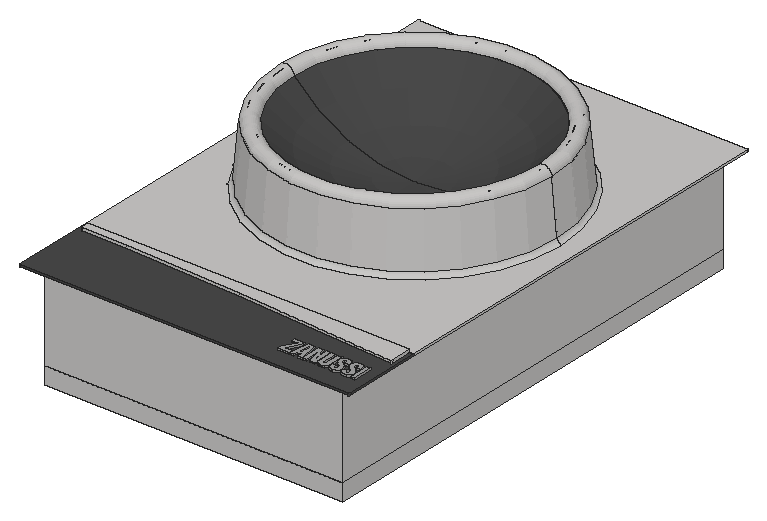
Revit family "QF_ZANUSSI_600896_Z1HCDDOMCT", category Specialty Equipment, Revit 2018
Family settings
  Round Connector Dimension = Use Diameter
  Part Type = Normal
  Work Plane-Based = No
  Always vertical = Yes
  Cut with Voids When Loaded = No
  Shared = No
  Room Calculation Point = No
Parameters (values of type "Standard")
  Watts = 0 W
  Volts = 380 V
  URL = "http://www.zanussiprofessional.com"
  Steam Supply Size = 0 mm
  Steam Supply Minimum Pressure = 0.0 Pa
  Steam Supply Maximum Pressure = 0.0 Pa
  Steam Pounds per Hour = 0
  Show Logo [instance] = yes
  Manufacturer = "Zanussi"
  Phase = 3
  Model = "Z1HCDDOMCT"
  Item Number = "600896"
  Hot Water Size = 0 mm
  HP = "6.7 HP"
  Gas Size = 0 mm
  Gas KW = 0
  Direct Waste Size = 0 mm
  Description = "PLUG-IN INDUCTION WOK, DROP-IN - 3-PHASE"
  Cycle = 60 Hz
  Condensate Return Size = 0 mm
  Compressed Air Volume = 0.0 L/s
  Compressed Air Size = 0 mm
  Compressed Air Pressure = 0.0 Pa
  Cold Water Size = 0 mm
Types (2, lengths in mm): name | URL | Manufacturer | Phase | Model | Description
  (no name) | 0 | 0 | 0 | 0 | 0
  Standard | "http://www.zanussiprofessional.com" | "Zanussi" | 3 | "Z1HCDDOMCT" | "PLUG-IN INDUCTION WOK, DROP-IN - 3-PHASE"
Values of the unnamed type that differ from the named types
  Volts = 0 V
  Item Number = ""
  Cycle = 0 Hz
Reference planes
  plane 1 "Centro (Fronte/Retro)": y = 74.737
  plane 2: z = 0
  plane 3: x = -514.269
  plane 4 "LEFT": x = -709.269
  plane 5 "RIGHT": x = -319.269
  plane 6 "BACK": y = 369.737
  plane 7 "FRONT": y = -220.263
  plane 8: y = -124.263
  plane 9: x = -690.269
  plane 10: x = -338.269
  plane 11: y = 355.737
  plane 12: y = -205.263
  plane 13: x = -539.269
  plane 14: y = -149.263
  plane 15: z = 900
Forms (mm)
  Extrusion 1, solid, material "QF_Finishes_Stainless Steel"
    sketch origin (0, 0, 774) x (1, 0, 0) y (0, 1, 0)
      loop
        line (-341.269, 352.737) -> (-687.269, 352.737) -> (-687.269, -202.263) -> (-341.269, -202.263) -> (-341.269, 352.737)
      loop
        line (-690.269, 355.737) -> (-690.269, -205.263) -> (-338.269, -205.263) -> (-338.269, 355.737) -> (-690.269, 355.737)
    from 21 to 126
  Extrusion 2, solid, material "QF_Finishes_Black"
    sketch origin (0, 0, 900) x (-1, 0, 0) y (0, -1, 0)
      loop
        line (709.269, 124.263) -> (709.269, 218.263)
        arc (709.269, 218.263) -> (708.683, 219.677) -> (707.269, 220.263) r 2
        line (707.269, 220.263) -> (321.269, 220.263)
        arc (321.269, 220.263) -> (319.854, 219.677) -> (319.269, 218.263) r 2
        line (319.269, 218.263) -> (319.269, 124.263) -> (709.269, 124.263)
    from 0 to 2
  Extrusion 3, solid, material "QF_Finishes_Stainless Steel"
    sketch origin (0, 0, 775) x (1, 0, 0) y (0, 1, 0)
      loop
        line (-690.269, 355.737) -> (-690.269, -205.263) -> (-338.269, -205.263) -> (-338.269, 355.737) -> (-690.269, 355.737)
    from 0 to 20
  Extrusion 4, solid, material "QF_Finishes_Stainless Steel"
    sketch origin (0, 0, 127) x (-1, 0, 0) y (0, -1, 0)
      loop
        circle (539.269, 149.263) r 10
    from 638.028 to 648
  Revolve 5, solid, material "QF_Finishes_Stainless Steel"
    sketch origin (0, 120.237, 2) x (-1, 0, 0) y (0, 0, 1)
      loop
        arc (349.07, 900) -> (350.454, 902.553) -> (351.23, 905.352) r 12.856
        line (351.23, 905.352) -> (357.255, 968.615)
        arc (357.255, 968.615) -> (361.677, 972.996) -> (366.45, 969) r 4.622
        line (366.45, 969) -> (371.472, 969)
        arc (371.472, 969) -> (361.87, 978) -> (352.269, 969) r 9.622
        line (352.269, 969) -> (346.269, 906)
        arc (346.269, 906) -> (344.567, 902.335) -> (341.269, 900) r 7.856
        line (341.269, 900) -> (349.07, 900)
      axis (514.269, 900) -> (514.269, 969)
    angle from 0 to 360
  Revolve 6, solid, material "QF_Finishes_Black"
    sketch origin (0, 120.237, 2) x (-1, 0, 0) y (0, 0, 1)
      loop
        line (371.472, 969) -> (366.45, 969)
        arc (366.45, 969) -> (432.848, 918.929) -> (514.269, 902) r 190.056
        line (514.269, 902) -> (514.269, 906)
        arc (514.269, 906) -> (436.232, 922.453) -> (371.472, 969) r 193.372
      axis (514.269, 969) -> (514.269, 902)
    angle from 0 to 360
  Extrusion 7, solid, material "QF_Finishes_Stainless Steel"
    sketch origin (0, 96, 900) x (-1, 0, 0) y (0, -1, 0)
      loop
        arc (707.269, -273.737) -> (708.683, -273.151) -> (709.269, -271.737) r 2
        line (709.269, -271.737) -> (709.269, 220.263) -> (319.269, 220.263) -> (319.269, -271.737)
        arc (319.269, -271.737) -> (319.854, -273.151) -> (321.269, -273.737) r 2
        line (321.269, -273.737) -> (707.269, -273.737)
    from 0 to 2
  Extrusion 8, solid, material "QF_Finishes_Stainless Steel"
    sketch origin (0, 0, 900) x (-1, 0, 0) y (0, -1, 0)
      loop
        arc (702.769, 124.263) -> (703.829, 124.702) -> (704.269, 125.763) r 1.5
        line (704.269, 125.763) -> (704.269, 132.763)
        arc (704.269, 132.763) -> (703.829, 133.824) -> (702.769, 134.263) r 1.5
        line (702.769, 134.263) -> (651.769, 134.263)
        arc (651.769, 134.263) -> (582.973, 135.513) -> (514.269, 139.263) r 1893.125
        arc (514.269, 139.263) -> (420.209, 148.26) -> (325.769, 151.263) r 1486.51
        arc (325.769, 151.263) -> (324.708, 150.824) -> (324.269, 149.763) r 1.5
        line (324.269, 149.763) -> (324.269, 125.763)
        arc (324.269, 125.763) -> (324.708, 124.702) -> (325.769, 124.263) r 1.5
        line (325.769, 124.263) -> (702.769, 124.263)
    from 2 to 5
Lines and regions (mm)
  Split face 1
    outline origin (0, 0, 902) x (-1, 0, 0) y (0, -1, 0)
      loop
        line (324.269, 124.263) -> (704.269, 124.263) -> (704.269, 623.263) -> (324.269, 623.263) -> (324.269, 124.263)
  symbolic lines
    curve 1: line (-319.269, -124.263, 126) -> (-709.269, -124.263, 126)
    curve 2: line (-321.269, 369.737, 126) -> (-707.269, 369.737, 126)
    curve 3: arc (-707.269, 369.737, 126) -> (-708.683, 369.151, 126) -> (-709.269, 367.737, 126) r 2
    curve 4: line (-709.269, 367.737, 126) -> (-709.269, -218.263, 126)
    curve 5: arc (-709.269, -218.263, 126) -> (-708.683, -219.677, 126) -> (-707.269, -220.263, 126) r 2
    curve 6: line (-707.269, -220.263, 126) -> (-321.269, -220.263, 126)
    curve 7: arc (-321.269, -220.263, 126) -> (-319.854, -219.677, 126) -> (-319.269, -218.263, 126) r 2
    curve 8: line (-319.269, -218.263, 126) -> (-319.269, 367.737, 126)
    curve 9: arc (-319.269, 367.737, 126) -> (-319.854, 369.151, 126) -> (-321.269, 369.737, 126) r 2
    curve 10: arc (-687.269, 120.237, 126) -> (-514.269, 293.237, 126) -> (-341.269, 120.237, 126) r 173
    curve 11: arc (-341.269, 120.237, 126) -> (-514.269, -52.763, 126) -> (-687.269, 120.237, 126) r 173
    curve 12: arc (-682.269, 120.237, 126) -> (-514.269, -47.763, 126) -> (-346.269, 120.237, 126) r 168
    curve 13: arc (-657.065, 120.237, 126) -> (-514.269, -22.56, 126) -> (-371.472, 120.237, 126) r 142.797
    curve 14: arc (-371.472, 120.237, 126) -> (-514.269, 263.034, 126) -> (-657.065, 120.237, 126) r 142.797
    curve 15: arc (-346.269, 120.237, 126) -> (-514.269, 288.237, 126) -> (-682.269, 120.237, 126) r 168
    curve 16: arc (-352.269, 120.237, 126) -> (-514.269, 282.237, 126) -> (-676.269, 120.237, 126) r 162
    curve 17: arc (-676.269, 120.237, 126) -> (-514.269, -41.763, 126) -> (-352.269, 120.237, 126) r 162
    curve 18: arc (-702.769, -124.263, 126) -> (-703.829, -124.702, 126) -> (-704.269, -125.763, 126) r 1.5
    curve 19: line (-704.269, -125.763, 126) -> (-704.269, -132.763, 126)
    curve 20: arc (-704.269, -132.763, 126) -> (-703.829, -133.824, 126) -> (-702.769, -134.263, 126) r 1.5
    curve 21: line (-702.769, -134.263, 126) -> (-651.769, -134.263, 126)
    curve 22: arc (-324.269, -125.763, 126) -> (-324.708, -124.702, 126) -> (-325.769, -124.263, 126) r 1.5
    curve 23: line (-324.269, -149.763, 126) -> (-324.269, -125.763, 126)
    curve 24: arc (-325.769, -151.263, 126) -> (-324.708, -150.824, 126) -> (-324.269, -149.763, 126) r 1.5
    curve 25: arc (-651.769, -134.263, 126) -> (-582.973, -135.513, 126) -> (-514.269, -139.263, 126) r 1893.125
    curve 26: arc (-514.269, -139.263, 126) -> (-420.209, -148.26, 126) -> (-325.769, -151.263, 126) r 1486.51
    curve 27: line (-415.208, -176.613, 126) -> (-422.226, -191.352, 126)
    curve 28: line (-422.226, -191.352, 126) -> (-422.226, -196.265, 126)
    curve 29: line (-422.226, -196.265, 126) -> (-409.452, -196.265, 126)
    curve 30: line (-409.452, -196.265, 126) -> (-409.452, -191.352, 126)
    curve 31: line (-409.452, -191.352, 126) -> (-416.821, -191.352, 126)
    curve 32: line (-416.821, -191.352, 126) -> (-409.452, -176.332, 126)
    curve 33: line (-409.452, -176.332, 126) -> (-409.452, -172.261, 126)
    curve 34: line (-409.452, -172.261, 126) -> (-421.665, -172.261, 126)
    curve 35: line (-421.665, -172.261, 126) -> (-421.665, -176.753, 126)
    curve 36: line (-421.665, -176.753, 126) -> (-415.208, -176.613, 126)
    curve 37: line (-404.82, -172.261, 126) -> (-409.172, -196.265, 126)
    curve 38: line (-409.172, -196.265, 126) -> (-404.118, -196.265, 126)
    curve 39: line (-404.118, -196.265, 126) -> (-403.416, -191.633, 126)
    curve 40: line (-403.416, -191.633, 126) -> (-399.346, -191.633, 126)
    curve 41: line (-399.346, -191.633, 126) -> (-398.644, -196.265, 126)
    curve 42: line (-398.644, -196.265, 126) -> (-393.59, -196.265, 126)
    curve 43: line (-393.59, -196.265, 126) -> (-398.082, -172.261, 126)
    curve 44: line (-398.082, -172.261, 126) -> (-404.82, -172.261, 126)
    curve 45: line (-401.451, -176.364, 126) -> (-400.047, -187.281, 126)
    curve 46: line (-400.047, -187.281, 126) -> (-402.855, -187.281, 126)
    curve 47: line (-402.855, -187.281, 126) -> (-401.451, -176.364, 126)
    curve 48: line (-393.309, -172.261, 126) -> (-393.309, -196.265, 126)
    curve 49: line (-393.309, -196.265, 126) -> (-388.958, -196.265, 126)
    curve 50: line (-388.958, -196.265, 126) -> (-388.958, -180.403, 126)
    curve 51: line (-388.958, -180.403, 126) -> (-384.887, -196.265, 126)
    curve 52: line (-384.887, -196.265, 126) -> (-379.553, -196.265, 126)
    curve 53: line (-379.553, -196.265, 126) -> (-379.553, -172.261, 126)
    curve 54: line (-379.553, -172.261, 126) -> (-384.045, -172.261, 126)
    curve 55: line (-384.045, -172.261, 126) -> (-384.045, -187.562, 126)
    curve 56: line (-384.045, -187.562, 126) -> (-388.116, -172.261, 126)
    curve 57: line (-388.116, -172.261, 126) -> (-393.309, -172.261, 126)
    curve 58: line (-378.43, -172.261, 126) -> (-378.43, -188.404, 126)
    curve 59: line (-378.43, -188.404, 126) -> (-378.149, -192.334, 126)
    curve 60: line (-378.149, -192.334, 126) -> (-377.728, -193.317, 126)
    curve 61: line (-377.728, -193.317, 126) -> (-376.745, -194.58, 126)
    curve 62: line (-376.745, -194.58, 126) -> (-375.763, -195.282, 126)
    curve 63: line (-375.763, -195.282, 126) -> (-373.797, -196.124, 126)
    curve 64: line (-373.797, -196.124, 126) -> (-372.815, -196.265, 126)
    curve 65: line (-372.815, -196.265, 126) -> (-370.569, -196.265, 126)
    curve 66: line (-370.569, -196.265, 126) -> (-369.446, -195.984, 126)
    curve 67: line (-369.446, -195.984, 126) -> (-367.761, -195.001, 126)
    curve 68: line (-367.761, -195.001, 126) -> (-365.796, -192.194, 126)
    curve 69: line (-365.796, -192.194, 126) -> (-365.656, -191.211, 126)
    curve 70: line (-365.656, -191.211, 126) -> (-365.656, -172.261, 126)
    curve 71: line (-365.656, -172.261, 126) -> (-370.569, -172.261, 126)
    curve 72: line (-370.569, -172.261, 126) -> (-370.569, -190.088, 126)
    curve 73: line (-370.569, -190.088, 126) -> (-371.13, -191.352, 126)
    curve 74: line (-371.13, -191.352, 126) -> (-372.675, -191.492, 126)
    curve 75: line (-372.675, -191.492, 126) -> (-373.517, -190.509, 126)
    curve 76: line (-373.517, -190.509, 126) -> (-373.517, -172.261, 126)
    curve 77: line (-373.517, -172.261, 126) -> (-378.43, -172.261, 126)
    curve 78: line (-353.163, -184.895, 126) -> (-358.778, -179.841, 126)
    curve 79: line (-358.778, -179.841, 126) -> (-359.479, -178.999, 126)
    curve 80: line (-359.479, -178.999, 126) -> (-359.76, -176.753, 126)
    curve 81: line (-359.76, -176.753, 126) -> (-358.076, -175.911, 126)
    curve 82: line (-358.076, -175.911, 126) -> (-356.672, -176.893, 126)
    curve 83: line (-356.672, -176.893, 126) -> (-356.532, -179.841, 126)
    curve 84: line (-356.532, -179.841, 126) -> (-351.899, -179.841, 126)
    curve 85: line (-351.899, -179.841, 126) -> (-352.18, -175.068, 126)
    curve 86: line (-352.18, -175.068, 126) -> (-355.128, -172.401, 126)
    curve 87: line (-355.128, -172.401, 126) -> (-363.269, -173.805, 126)
    curve 88: line (-363.269, -173.805, 126) -> (-364.252, -180.824, 126)
    curve 89: line (-364.252, -180.824, 126) -> (-362.006, -184.052, 126)
    curve 90: line (-362.006, -184.052, 126) -> (-359.62, -186.158, 126)
    curve 91: line (-359.62, -186.158, 126) -> (-356.672, -189.106, 126)
    curve 92: line (-356.672, -189.106, 126) -> (-357.233, -191.773, 126)
    curve 93: line (-357.233, -191.773, 126) -> (-359.058, -191.913, 126)
    curve 94: line (-359.058, -191.913, 126) -> (-360.041, -187.842, 126)
    curve 95: line (-360.041, -187.842, 126) -> (-364.954, -187.842, 126)
    curve 96: line (-364.954, -187.842, 126) -> (-363.55, -194.44, 126)
    curve 97: line (-363.55, -194.44, 126) -> (-357.374, -196.265, 126)
    curve 98: line (-357.374, -196.265, 126) -> (-351.759, -192.334, 126)
    curve 99: line (-351.759, -192.334, 126) -> (-353.163, -184.895, 126)
    curve 100: line (-339.266, -184.754, 126) -> (-345.161, -179.42, 126)
    curve 101: line (-345.161, -179.42, 126) -> (-345.863, -177.595, 126)
    curve 102: line (-345.863, -177.595, 126) -> (-345.302, -176.191, 126)
    curve 103: line (-345.302, -176.191, 126) -> (-344.038, -175.911, 126)
    curve 104: line (-344.038, -175.911, 126) -> (-342.635, -176.893, 126)
    curve 105: line (-342.635, -176.893, 126) -> (-342.494, -179.701, 126)
    curve 106: line (-342.494, -179.701, 126) -> (-337.722, -179.841, 126)
    curve 107: line (-337.722, -179.841, 126) -> (-338.283, -174.928, 126)
    curve 108: line (-338.283, -174.928, 126) -> (-345.723, -171.98, 126)
    curve 109: line (-345.723, -171.98, 126) -> (-350.215, -175.63, 126)
    curve 110: line (-350.215, -175.63, 126) -> (-348.951, -182.929, 126)
    curve 111: line (-348.951, -182.929, 126) -> (-343.758, -187.562, 126)
    curve 112: line (-343.758, -187.562, 126) -> (-342.635, -189.246, 126)
    curve 113: line (-342.635, -189.246, 126) -> (-343.056, -191.773, 126)
    curve 114: line (-343.056, -191.773, 126) -> (-344.46, -192.054, 126)
    curve 115: line (-344.46, -192.054, 126) -> (-346.003, -187.702, 126)
    curve 116: line (-346.003, -187.702, 126) -> (-350.917, -187.842, 126)
    curve 117: line (-350.917, -187.842, 126) -> (-349.092, -194.721, 126)
    curve 118: line (-349.092, -194.721, 126) -> (-341.091, -195.703, 126)
    curve 119: line (-341.091, -195.703, 126) -> (-338.002, -192.896, 126)
    curve 120: line (-338.002, -192.896, 126) -> (-339.266, -184.754, 126)
    curve 121: line (-331.966, -172.261, 126) -> (-336.879, -172.261, 126)
    curve 122: line (-336.879, -172.261, 126) -> (-336.879, -196.265, 126)
    curve 123: line (-336.879, -196.265, 126) -> (-331.966, -196.265, 126)
    curve 124: line (-331.966, -196.265, 126) -> (-331.966, -172.261, 126)
Dimensions and locks
  equal spacing: plane 4 "LEFT", plane 3, plane 5 "RIGHT"
  plane 4 "LEFT" to plane 5 "RIGHT" = 390 mm
  equal spacing: plane 6 "BACK", plane 1 "Centro (Fronte/Retro)", plane 7 "FRONT"
  plane 6 "BACK" to plane 7 "FRONT" = 590 mm
  locked: plane 4 "LEFT" to plane 9 at 19
  locked: plane 10 to plane 5 "RIGHT" at 19
  locked: plane 6 "BACK" to plane 11 at 14
  locked: plane 12 to plane 7 "FRONT" at 15
  plane 13 to plane 5 "RIGHT" = 220 mm
  plane 14 to plane 7 "FRONT" = 71 mm
  plane 15 to level = 900 mm
  aligned and locked: level to plane 2
Automatic sketch dimensions
  curve 10 to curve 11 = 0 mm  (x2)
  curve 10 to curve 12 = 0 mm  (x2)
  curve 10 to curve 13 = 0 mm  (x2)
  curve 10 to curve 14 = 0 mm  (x2)
  curve 10 to curve 15 = 0 mm  (x2)
  curve 10 to curve 16 = 0 mm  (x2)
  curve 10 to curve 17 = 0 mm  (x2)
  curve 11 to curve 12 = 0 mm  (x2)
  curve 11 to curve 13 = 0 mm  (x2)
  curve 11 to curve 14 = 0 mm  (x2)
  curve 11 to curve 15 = 0 mm  (x2)
  curve 11 to curve 16 = 0 mm  (x2)
  curve 11 to curve 17 = 0 mm  (x2)
  curve 12 to curve 13 = 0 mm  (x2)
  curve 12 to curve 14 = 0 mm  (x2)
  curve 12 to curve 15 = 0 mm  (x2)
  curve 12 to curve 16 = 0 mm  (x2)
  curve 12 to curve 17 = 0 mm  (x2)
  curve 13 to curve 14 = 0 mm  (x2)
  curve 13 to curve 15 = 0 mm  (x2)
  curve 13 to curve 16 = 0 mm  (x2)
  curve 13 to curve 17 = 0 mm  (x2)
  curve 14 to curve 15 = 0 mm  (x2)
  curve 14 to curve 16 = 0 mm  (x2)
  curve 14 to curve 17 = 0 mm  (x2)
  curve 15 to curve 16 = 0 mm  (x2)
  curve 15 to curve 17 = 0 mm  (x2)
  curve 16 to curve 17 = 0 mm  (x2)
  curve 1 to plane 5 "RIGHT" = 0 mm
  curve 9 to plane 6 "BACK" = 0 mm
  curve 6 to plane 7 "FRONT" = 0 mm
  curve 22 to plane 8 = 0 mm
  curve 11 to plane 3 = 0 mm
  curve 26 to plane 3 = 0 mm
  curve 4 to plane 4 "LEFT" = 0 mm
  curve 9 to plane 5 "RIGHT" = 2 mm
  curve 6 to plane 5 "RIGHT" = 2 mm
  curve 23 to plane 14 = 0.5 mm
  curve 23 to plane 5 "RIGHT" = 5 mm
  curve 24 to curve 24 = 1.5 mm
  curve 22 to curve 22 = 1.5 mm
  plane 10 to curve 124 = 6.302 mm
  plane 10 to curve 122 = 1.389 mm
  plane 10 to curve 107 = 0.547 mm
  plane 10 to curve 120 = 0.266 mm
  curve 107 to plane 10 = 0.014 mm
  curve 120 to plane 10 = 0.997 mm
  curve 119 to plane 10 = 2.822 mm
  curve 106 to plane 10 = 4.225 mm
  curve 112 to plane 10 = 4.366 mm
  curve 105 to curve 104 = 0.141 mm
  curve 112 to curve 113 = 0.421 mm
  curve 112 to curve 111 = 1.123 mm
  curve 104 to curve 103 = 1.404 mm
  curve 113 to curve 115 = 1.404 mm
  curve 105 to curve 100 = 2.667 mm
  curve 103 to curve 103 = 1.263 mm
  curve 102 to curve 109 = 0.421 mm
  curve 102 to curve 102 = 0.562 mm
  curve 111 to curve 116 = 2.246 mm
  curve 100 to curve 111 = 3.79 mm
  curve 114 to curve 118 = 4.632 mm
  curve 101 to curve 109 = 4.352 mm
  curve 115 to curve 116 = 4.913 mm
  curve 117 to curve 98 = 2.667 mm
  curve 110 to curve 84 = 2.948 mm
  curve 109 to curve 85 = 1.965 mm
  curve 116 to curve 78 = 2.246 mm
  curve 85 to curve 87 = 2.948 mm
  curve 84 to curve 83 = 4.632 mm
  curve 78 to curve 92 = 3.509 mm
  curve 83 to curve 83 = 0.14 mm
  curve 91 to curve 93 = 0.562 mm
  plane 12 to curve 97 = 8.998 mm
  curve 92 to curve 97 = 0.14 mm
  curve 82 to curve 82 = 1.404 mm
  curve 83 to curve 78 = 2.246 mm
  curve 92 to curve 93 = 1.825 mm
  curve 78 to curve 80 = 0.702 mm
  curve 91 to curve 91 = 2.948 mm
  curve 81 to curve 80 = 1.684 mm
  curve 90 to curve 94 = 0.421 mm
  curve 90 to curve 90 = 2.386 mm
  curve 80 to curve 87 = 3.509 mm
  plane 12 to curve 97 = 10.823 mm
  curve 93 to curve 97 = 4.492 mm
  curve 89 to curve 88 = 2.246 mm
  curve 89 to curve 96 = 2.948 mm
  curve 87 to curve 71 = 2.386 mm
  plane 12 to curve 68 = 13.069 mm
  curve 69 to curve 68 = 0.14 mm
  plane 12 to curve 67 = 10.262 mm
  curve 68 to curve 67 = 1.965 mm
  plane 12 to curve 66 = 9.279 mm
  curve 67 to curve 66 = 1.685 mm
  curve 69 to curve 72 = 4.913 mm
  plane 12 to curve 66 = 8.998 mm
  curve 66 to curve 66 = 1.123 mm
  plane 12 to curve 74 = 13.911 mm
  curve 72 to curve 74 = 0.561 mm
  plane 12 to curve 74 = 13.771 mm
  curve 73 to curve 74 = 1.544 mm
  curve 65 to curve 64 = 2.246 mm
  curve 71 to curve 76 = 2.948 mm
  plane 12 to curve 63 = 9.139 mm
  curve 64 to curve 63 = 0.982 mm
  plane 12 to curve 63 = 9.981 mm
  curve 63 to curve 63 = 1.965 mm
  plane 12 to curve 62 = 10.683 mm
  curve 62 to curve 62 = 0.983 mm
  plane 12 to curve 60 = 11.946 mm
  curve 61 to curve 60 = 0.983 mm
  plane 12 to curve 59 = 12.929 mm
  curve 60 to curve 59 = 0.421 mm
  curve 76 to curve 77 = 4.913 mm
  curve 61 to curve 52 = 2.808 mm
  plane 12 to curve 56 = 17.701 mm
  curve 58 to curve 56 = 5.615 mm
  plane 12 to curve 51 = 8.998 mm
  curve 52 to curve 51 = 5.334 mm
  curve 54 to curve 57 = 4.071 mm
  curve 51 to curve 49 = 4.071 mm
  curve 56 to curve 57 = 5.194 mm
  curve 48 to curve 42 = 0.281 mm
  curve 43 to plane 14 = 22.998 mm
  curve 48 to curve 43 = 4.773 mm
  plane 12 to curve 41 = 8.998 mm
  curve 42 to curve 41 = 5.053 mm
  plane 12 to curve 41 = 13.63 mm
  curve 41 to curve 41 = 0.702 mm
  curve 40 to curve 46 = 0.702 mm
  curve 47 to plane 14 = 27.101 mm
  curve 43 to curve 47 = 3.369 mm
  curve 45 to curve 46 = 2.807 mm
  curve 40 to curve 40 = 4.071 mm
  plane 12 to curve 39 = 8.998 mm
  curve 39 to curve 39 = 0.702 mm
  curve 45 to curve 37 = 3.369 mm
  curve 38 to curve 37 = 5.054 mm
  curve 32 to plane 14 = 27.069 mm
  curve 37 to curve 32 = 4.632 mm
  curve 37 to curve 29 = 0.281 mm
  curve 36 to plane 14 = 27.35 mm
  curve 32 to curve 36 = 5.755 mm
  curve 30 to curve 31 = 7.368 mm
  curve 27 to curve 35 = 6.457 mm
  curve 31 to curve 28 = 5.406 mm
  curve 21 to plane 8 = 10 mm
  plane 9 to curve 21 = 38.5 mm
  curve 18 to plane 8 = 1.5 mm
  plane 4 "LEFT" to curve 18 = 6.5 mm
  curve 21 to curve 19 = 1.5 mm
  curve 5 to curve 4 = 2 mm
  plane 4 "LEFT" to curve 2 = 2 mm
  plane 6 "BACK" to curve 26 = 965.51 mm
  curve 14 to plane 1 "Centro (Fronte/Retro)" = 45.5 mm
  curve 109 to plane 14 = 22.717 mm
  curve 108 to curve 121 = 0.281 mm
  curve 77 to curve 55 = 15.301 mm
  curve 76 to curve 71 = 0 mm
  curve 43 to curve 57 = 0 mm
  curve 56 to curve 55 = 0 mm
  curve 33 to curve 32 = 4.071 mm
  curve 108 to curve 87 = 0.421 mm
  curve 70 to curve 87 = 1.544 mm
  curve 121 to curve 107 = 2.667 mm
  curve 86 to curve 85 = 2.667 mm
  curve 85 to curve 109 = 0.561 mm
  curve 108 to curve 103 = 3.93 mm
  curve 86 to curve 82 = 3.509 mm
  curve 103 to curve 102 = 0.281 mm
  curve 81 to curve 81 = 0.842 mm
  curve 34 to curve 36 = 4.492 mm
  curve 103 to curve 105 = 0.983 mm
  curve 81 to curve 82 = 0.983 mm
  curve 102 to curve 101 = 1.404 mm
  curve 80 to curve 79 = 2.246 mm
  curve 101 to curve 101 = 1.825 mm
  curve 100 to curve 105 = 0.281 mm
  curve 109 to curve 84 = 4.211 mm
  curve 105 to curve 106 = 0.14 mm
  curve 79 to curve 79 = 0.842 mm
  curve 56 to curve 51 = 8.142 mm
  curve 79 to curve 89 = 1.825 mm
  curve 84 to curve 111 = 3.088 mm
  curve 88 to curve 89 = 3.228 mm
  curve 106 to curve 100 = 4.913 mm
  curve 110 to curve 78 = 1.965 mm
  curve 89 to curve 90 = 2.106 mm
  curve 46 to curve 39 = 4.352 mm
  curve 100 to curve 112 = 2.807 mm
  curve 111 to curve 115 = 0.14 mm
  curve 90 to curve 95 = 1.684 mm
  curve 78 to curve 116 = 2.948 mm
  curve 58 to curve 59 = 3.93 mm
  curve 94 to curve 92 = 1.264 mm
  curve 111 to curve 112 = 1.685 mm
  curve 73 to curve 73 = 1.263 mm
  curve 75 to curve 74 = 0.983 mm
  curve 69 to curve 68 = 0.982 mm
  curve 32 to curve 37 = 4.913 mm
  curve 28 to curve 31 = 0 mm
  curve 112 to curve 114 = 2.527 mm
  curve 91 to curve 93 = 2.667 mm
  curve 92 to curve 93 = 0.14 mm
  curve 113 to curve 114 = 0.281 mm
  curve 116 to curve 99 = 4.492 mm
  curve 113 to curve 119 = 1.123 mm
  curve 98 to curve 117 = 2.386 mm
  curve 119 to curve 119 = 2.807 mm
  curve 27 to curve 28 = 4.913 mm
  curve 42 to curve 49 = 0 mm
  curve 119 to curve 124 = 3.369 mm
  curve 25 to plane 7 "FRONT" = 1807.125 mm
  curve 11 to plane 10 = 3 mm
  curve 10 to curve 15 = 5 mm
  curve 12 to curve 17 = 6 mm
  curve 16 to curve 14 = 19.203 mm
  Extrusion 1 sketch curve to plane 9 = 0 mm
  Extrusion 1 sketch curve to plane 10 = 0 mm
  Extrusion 1 sketch curve to plane 12 = 0 mm
  Extrusion 1 sketch curve to plane 11 = 0 mm
  plane 9 to Extrusion 1 sketch curve = 3 mm
  Extrusion 1 sketch curve to plane 10 = 3 mm
  plane 12 to Extrusion 1 sketch curve = 3 mm
  Extrusion 1 sketch curve to plane 11 = 3 mm
  Extrusion 2 sketch curve to plane 5 "RIGHT" = 0 mm
  Extrusion 2 sketch curve to plane 7 "FRONT" = 0 mm
  Extrusion 2 sketch curve to plane 4 "LEFT" = 0 mm
  Extrusion 2 sketch curve to plane 8 = 0 mm
  Extrusion 2 sketch curve to plane 5 "RIGHT" = 2 mm
  Extrusion 2 sketch curve to Extrusion 2 sketch curve = 2 mm
  Split face 1 sketch curve to Extrusion 2 = 0 mm
  Split face 1 sketch curve to Extrusion 2 = 5 mm  (x2)
  Extrusion 2 to Split face 1 sketch curve = 403 mm
  Extrusion 3 sketch curve to plane 9 = 0 mm
  Extrusion 3 sketch curve to plane 10 = 0 mm
  Extrusion 3 sketch curve to plane 12 = 0 mm
  Extrusion 3 sketch curve to plane 11 = 0 mm
  Extrusion 4 sketch curve to plane 13 = 0 mm
  Extrusion 4 sketch curve to plane 14 = 0 mm
  Revolve 5 sketch curve to Revolve 5 sketch curve = 0 mm  (x4)
  Revolve 5 sketch curve to plane 3 = 0 mm
  Revolve 5 sketch curve to plane 10 = 33.203 mm
  Revolve 5 sketch curve to Revolve 5 sketch curve = 5.022 mm
  Revolve 5 sketch curve to Revolve 5 sketch curve = 4.58 mm
  Revolve 5 sketch curve to Revolve 5 sketch curve = 4.616 mm
  Revolve 5 sketch curve to Revolve 5 sketch curve = 4.986 mm
  Revolve 5 sketch curve to plane 10 = 12.961 mm
  plane 15 to Revolve 5 sketch curve = 2 mm  (x2)
  Revolve 5 sketch curve to Revolve 5 sketch curve = 2.16 mm
  Revolve 5 sketch curve to Revolve 5 sketch curve = 4.961 mm
  Revolve 5 sketch curve to plane 10 = 3 mm
  Revolve 5 sketch curve to plane 10 = 0.264 mm
  Revolve 5 sketch curve to Revolve 5 sketch curve = 5.352 mm
  Revolve 5 sketch curve to Revolve 5 sketch curve = 63.026 mm
  Revolve 5 sketch curve to Revolve 5 sketch curve = 0.237 mm
  Revolve 5 sketch curve to Revolve 5 sketch curve = 611 mm
  Revolve 6 sketch curve to plane 3 = 0 mm  (x2)
  plane 3 to Revolve 6 sketch curve = 2.959 mm
  Revolve 6 sketch curve to plane 10 = 33.203 mm
  Revolve 6 sketch curve to Revolve 6 sketch curve = 5.022 mm
  Revolve 6 sketch curve to plane 3 = 0.017 mm
  plane 15 to Revolve 6 sketch curve = 4 mm
  Revolve 6 sketch curve to Revolve 6 sketch curve = 4 mm
  plane 15 to Revolve 6 sketch curve = 71 mm
  Revolve 6 sketch curve to Revolve 6 sketch curve = 2 mm
  Revolve 6 sketch curve to Revolve 6 sketch curve = 48.628 mm
  Extrusion 7 sketch curve to plane 5 "RIGHT" = 0 mm
  Extrusion 7 sketch curve to plane 6 "BACK" = 0 mm
  Extrusion 7 sketch curve to plane 4 "LEFT" = 0 mm
  Extrusion 7 sketch curve to plane 8 = 0 mm
  Extrusion 7 sketch curve to plane 5 "RIGHT" = 2 mm
  Extrusion 7 sketch curve to Extrusion 7 sketch curve = 2 mm
  Extrusion 8 sketch curve to plane 8 = 0 mm
  Extrusion 8 sketch curve to plane 3 = 0 mm
  Extrusion 8 sketch curve to plane 5 "RIGHT" = 6.5 mm  (x2)
  Extrusion 8 sketch curve to plane 14 = 0.5 mm
  Extrusion 8 sketch curve to Extrusion 8 sketch curve = 1.5 mm  (x2)
  plane 9 to Extrusion 8 sketch curve = 38.5 mm
  Extrusion 8 sketch curve to plane 8 = 1.5 mm
  plane 4 "LEFT" to Extrusion 8 sketch curve = 6.5 mm
  plane 6 "BACK" to Extrusion 8 sketch curve = 965.51 mm
  Extrusion 8 sketch curve to Extrusion 8 sketch curve = 7 mm
  Extrusion 8 sketch curve to plane 7 "FRONT" = 1807.125 mm
  radius of Extrusion 4 sketch curve = 10 mm
Nested families
  nested 1: "ZAN_Logo_S_Grey" at (-377.096, -184.263, 902), visible <- "Show Logo", type "ZAN_Logo_S_Grey"
Connectors
  electrical at (-539.269, -149.263, 765.028)
    settings: on Extrusion 4, index 2, voltage 0 V, apparent load 0 VA, apparent load phase1 0 VA, apparent load phase2 0 VA, apparent load phase3 0 VA, power factor 1, load classification "Altro", number of poles 1, system type 30, power factor state 1, is connector primary yes, connector utility no, sub classification motor no, connector description ""
Definition of nested family "ZAN_Logo_S_Grey"
  Parameters (values of type "ZAN_Logo_S_Grey")
    Default Elevation = 0 mm
  Reference planes
    plane 1 "Centro (Fronte/Retro)": y = 0
    plane 2: z = 0
    plane 3 "Centro (Sinistra/Destra)": x = 0
  Forms (mm)
    Extrusion 1, solid
      sketch origin (0, 0, 0) x (1, 0, 0) y (0, 1, 0)
        loop
          line (-1219.2, 1219.2) -> (-1219.2, -1219.2) -> (1219.2, -1219.2) -> (1219.2, 1219.2) -> (-1219.2, 1219.2)
      from 0 to -304.8
    Extrusion 2, solid
      sketch origin (17.793, -46.218, 0) x (-1, 0, 0) y (0, -1, 0)
        loop
          spline (-4.176, -58.079) -> (-3.496, -58.328) -> (-2.793, -58.512) -> (-2.075, -58.63) -> (-1.348, -58.682) -> (-0.619, -58.669) -> (0.106, -58.588) -> (0.818, -58.44) -> (1.512, -58.225) -> (2.18, -57.941) -> (2.817, -57.589) -> (3.414, -57.167) -> (3.966, -56.676)
          spline (3.966, -56.676) -> (4.293, -56.162) -> (4.575, -55.61) -> (4.81, -55.026) -> (5, -54.419) -> (5.146, -53.797) -> (5.247, -53.166) -> (5.304, -52.536) -> (5.318, -51.913) -> (5.288, -51.306) -> (5.217, -50.723) -> (5.103, -50.17) -> (4.949, -49.657)
          line (4.949, -49.657) -> (2.702, -46.428) -> (0.316, -44.323)
          spline (0.316, -44.323) -> (0.065, -44.115) -> (-0.195, -43.909) -> (-0.46, -43.704) -> (-0.729, -43.496) -> (-0.997, -43.282) -> (-1.263, -43.059) -> (-1.523, -42.825) -> (-1.774, -42.576) -> (-2.013, -42.309) -> (-2.238, -42.022) -> (-2.445, -41.712) -> (-2.632, -41.375)
          spline (-2.632, -41.375) -> (-2.666, -41.159) -> (-2.697, -40.934) -> (-2.722, -40.701) -> (-2.736, -40.465) -> (-2.736, -40.227) -> (-2.72, -39.989) -> (-2.682, -39.754) -> (-2.621, -39.524) -> (-2.533, -39.302) -> (-2.414, -39.091) -> (-2.261, -38.892) -> (-2.07, -38.708)
          line (-2.07, -38.708) -> (-0.245, -38.567)
          spline (-0.245, -38.567) -> (0.096, -38.8) -> (0.354, -39.074) -> (0.54, -39.381) -> (0.664, -39.716) -> (0.738, -40.073) -> (0.772, -40.445) -> (0.777, -40.825) -> (0.763, -41.208) -> (0.742, -41.588) -> (0.723, -41.957) -> (0.718, -42.309) -> (0.737, -42.638)
          line (0.737, -42.638) -> (5.65, -42.638)
          spline (5.65, -42.638) -> (5.708, -42.042) -> (5.741, -41.448) -> (5.747, -40.857) -> (5.723, -40.273) -> (5.668, -39.696) -> (5.58, -39.129) -> (5.457, -38.574) -> (5.297, -38.032) -> (5.098, -37.506) -> (4.857, -36.997) -> (4.574, -36.508) -> (4.247, -36.041)
          spline (4.247, -36.041) -> (3.844, -35.675) -> (3.409, -35.35) -> (2.946, -35.065) -> (2.458, -34.819) -> (1.949, -34.612) -> (1.421, -34.444) -> (0.88, -34.314) -> (0.326, -34.221) -> (-0.234, -34.165) -> (-0.8, -34.146) -> (-1.366, -34.163) -> (-1.93, -34.216)
          spline (-1.93, -34.216) -> (-2.526, -34.309) -> (-3.116, -34.448) -> (-3.695, -34.633) -> (-4.259, -34.861) -> (-4.801, -35.131) -> (-5.316, -35.444) -> (-5.799, -35.798) -> (-6.245, -36.191) -> (-6.648, -36.624) -> (-7.002, -37.095) -> (-7.303, -37.603) -> (-7.545, -38.146)
          spline (-7.545, -38.146) -> (-7.694, -38.815) -> (-7.792, -39.487) -> (-7.839, -40.158) -> (-7.836, -40.824) -> (-7.785, -41.482) -> (-7.685, -42.129) -> (-7.539, -42.762) -> (-7.347, -43.377) -> (-7.111, -43.97) -> (-6.83, -44.538) -> (-6.506, -45.078) -> (-6.141, -45.586)
          line (-6.141, -45.586) -> (-0.526, -50.64) -> (0.176, -51.482)
          spline (0.176, -51.482) -> (0.248, -51.66) -> (0.323, -51.843) -> (0.397, -52.03) -> (0.467, -52.22) -> (0.529, -52.412) -> (0.579, -52.605) -> (0.615, -52.798) -> (0.633, -52.989) -> (0.63, -53.179) -> (0.601, -53.366) -> (0.545, -53.55) -> (0.456, -53.728)
          spline (0.456, -53.728) -> (0.375, -53.892) -> (0.273, -54.034) -> (0.154, -54.155) -> (0.02, -54.258) -> (-0.126, -54.343) -> (-0.28, -54.412) -> (-0.441, -54.466) -> (-0.604, -54.508) -> (-0.767, -54.537) -> (-0.928, -54.556) -> (-1.082, -54.567) -> (-1.228, -54.57)
          line (-1.228, -54.57) -> (-2.632, -53.587) -> (-2.772, -50.64) -> (-7.405, -50.64)
          spline (-7.405, -50.64) -> (-7.41, -51.031) -> (-7.423, -51.432) -> (-7.44, -51.839) -> (-7.456, -52.251) -> (-7.469, -52.665) -> (-7.475, -53.079) -> (-7.468, -53.489) -> (-7.446, -53.894) -> (-7.404, -54.291) -> (-7.339, -54.679) -> (-7.247, -55.053) -> (-7.123, -55.412)
          spline (-7.123, -55.412) -> (-6.999, -55.693) -> (-6.837, -55.97) -> (-6.643, -56.244) -> (-6.422, -56.509) -> (-6.177, -56.765) -> (-5.913, -57.009) -> (-5.634, -57.238) -> (-5.346, -57.45) -> (-5.051, -57.643) -> (-4.755, -57.814) -> (-4.462, -57.96) -> (-4.176, -58.079)
        loop
          spline (-21.021, -55.552) -> (-20.633, -56.181) -> (-20.177, -56.736) -> (-19.661, -57.217) -> (-19.092, -57.627) -> (-18.478, -57.966) -> (-17.827, -58.237) -> (-17.147, -58.441) -> (-16.446, -58.578) -> (-15.73, -58.652) -> (-15.009, -58.662) -> (-14.29, -58.611) -> (-13.581, -58.5)
          spline (-13.581, -58.5) -> (-13.088, -58.407) -> (-12.595, -58.269) -> (-12.109, -58.088) -> (-11.636, -57.866) -> (-11.183, -57.605) -> (-10.756, -57.307) -> (-10.361, -56.974) -> (-10.004, -56.608) -> (-9.692, -56.211) -> (-9.431, -55.784) -> (-9.228, -55.33) -> (-9.089, -54.851)
          spline (-9.089, -54.851) -> (-8.873, -54.211) -> (-8.715, -53.559) -> (-8.615, -52.901) -> (-8.574, -52.241) -> (-8.592, -51.585) -> (-8.668, -50.938) -> (-8.802, -50.306) -> (-8.995, -49.693) -> (-9.247, -49.106) -> (-9.557, -48.55) -> (-9.925, -48.03) -> (-10.352, -47.551)
          line (-10.352, -47.551) -> (-15.546, -42.919) -> (-16.669, -41.234)
          spline (-16.669, -41.234) -> (-16.704, -41.021) -> (-16.735, -40.804) -> (-16.761, -40.583) -> (-16.778, -40.361) -> (-16.784, -40.139) -> (-16.774, -39.919) -> (-16.748, -39.701) -> (-16.7, -39.488) -> (-16.63, -39.28) -> (-16.533, -39.08) -> (-16.406, -38.889) -> (-16.248, -38.708)
          line (-16.248, -38.708) -> (-14.844, -38.427)
          spline (-14.844, -38.427) -> (-14.347, -38.545) -> (-13.969, -38.749) -> (-13.695, -39.028) -> (-13.508, -39.368) -> (-13.393, -39.757) -> (-13.335, -40.182) -> (-13.318, -40.63) -> (-13.326, -41.089) -> (-13.344, -41.546) -> (-13.356, -41.988) -> (-13.347, -42.403) -> (-13.3, -42.779)
          line (-13.3, -42.779) -> (-8.387, -42.638)
          spline (-8.387, -42.638) -> (-8.326, -42.034) -> (-8.288, -41.417) -> (-8.277, -40.794) -> (-8.299, -40.169) -> (-8.357, -39.548) -> (-8.457, -38.936) -> (-8.604, -38.339) -> (-8.803, -37.762) -> (-9.058, -37.21) -> (-9.375, -36.689) -> (-9.758, -36.204) -> (-10.212, -35.76)
          spline (-10.212, -35.76) -> (-10.793, -35.336) -> (-11.409, -34.976) -> (-12.054, -34.679) -> (-12.723, -34.445) -> (-13.409, -34.273) -> (-14.107, -34.163) -> (-14.811, -34.115) -> (-15.515, -34.127) -> (-16.213, -34.2) -> (-16.899, -34.333) -> (-17.568, -34.526) -> (-18.213, -34.777)
          spline (-18.213, -34.777) -> (-18.496, -34.897) -> (-18.783, -35.044) -> (-19.071, -35.216) -> (-19.357, -35.412) -> (-19.639, -35.629) -> (-19.915, -35.865) -> (-20.182, -36.119) -> (-20.438, -36.389) -> (-20.681, -36.672) -> (-20.907, -36.967) -> (-21.115, -37.272) -> (-21.301, -37.585)
          spline (-21.301, -37.585) -> (-21.55, -38.26) -> (-21.734, -38.948) -> (-21.854, -39.647) -> (-21.91, -40.351) -> (-21.901, -41.057) -> (-21.828, -41.761) -> (-21.69, -42.459) -> (-21.489, -43.148) -> (-21.222, -43.823) -> (-20.892, -44.48) -> (-20.497, -45.116) -> (-20.038, -45.726)
          line (-20.038, -45.726) -> (-14.142, -51.061) -> (-13.44, -52.886) -> (-14.002, -54.289) -> (-15.265, -54.57) -> (-16.669, -53.587) -> (-16.81, -50.78) -> (-21.582, -50.64)
          spline (-21.582, -50.64) -> (-21.558, -51.063) -> (-21.55, -51.491) -> (-21.554, -51.92) -> (-21.561, -52.35) -> (-21.567, -52.778) -> (-21.565, -53.201) -> (-21.547, -53.619) -> (-21.509, -54.029) -> (-21.444, -54.43) -> (-21.345, -54.818) -> (-21.206, -55.193) -> (-21.021, -55.552)
        loop
          line (-22.424, -34.216) -> (-27.337, -34.216) -> (-27.337, -58.22) -> (-22.424, -58.22) -> (-22.424, -34.216)
        loop
          line (14.213, -39.971) -> (14.213, -58.22) -> (19.126, -58.22) -> (19.126, -42.077) -> (18.845, -38.146) -> (18.424, -37.164) -> (17.442, -35.9) -> (16.459, -35.199) -> (14.494, -34.356) -> (13.511, -34.216) -> (11.265, -34.216) -> (10.142, -34.497) -> (8.458, -35.479) -> (6.493, -38.287) -> (6.352, -39.269) -> (6.352, -58.22) -> (11.265, -58.22) -> (11.265, -40.392) -> (11.827, -39.129) -> (13.371, -38.988) -> (14.213, -39.971)
        loop
          line (20.249, -58.22) -> (24.741, -58.22) -> (24.741, -42.919) -> (28.812, -58.22) -> (34.006, -58.22) -> (34.006, -34.216) -> (29.654, -34.216) -> (29.654, -50.078) -> (25.583, -34.216) -> (20.249, -34.216) -> (20.249, -58.22)
        loop
          line (50.149, -58.22) -> (62.361, -58.22) -> (62.361, -53.728) -> (55.904, -53.868) -> (62.923, -39.129) -> (62.923, -34.216) -> (50.149, -34.216) -> (50.149, -39.129) -> (57.517, -39.129) -> (50.149, -54.149) -> (50.149, -58.22)
        loop
          line (38.778, -58.22) -> (45.516, -58.22) -> (49.868, -34.216) -> (44.814, -34.216) -> (44.113, -38.848) -> (40.042, -38.848) -> (39.34, -34.216) -> (34.286, -34.216) -> (38.778, -58.22)
        loop
          line (43.551, -43.2) -> (40.744, -43.2) -> (42.147, -54.117) -> (43.551, -43.2)
      from 0 to 1.644
  Dimensions and locks
    aligned and locked: plane 2 to Extrusion 1
    aligned and locked: level to Extrusion 1
